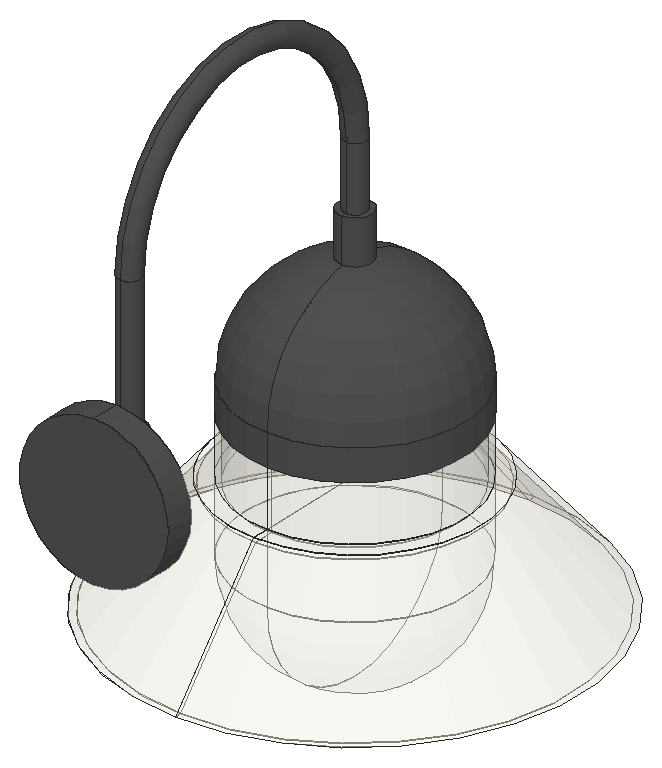
Revit family
Parameters (values of type "100 와트 백열")
  Wattage = 100 W
  built-in parameter 1150110 = 1 (stored number, unit not read)
  built-in parameter 1114217 = 1 (stored number, unit not read)
  built-in parameter 1150109 = 1 (stored number, unit not read)
  built-in parameter 1150134 = 4
  built-in parameter 1150113 = 1 (stored number, unit not read)
  built-in parameter 1150115 = 1 (stored number, unit not read)
  built-in parameter 1150105 = 134.49 (stored number, unit not read)
  Light Source Symbol Size = 609.6 mm
  built-in parameter 1150137 = (empty or 0)
  built-in parameter 1150139 = (empty or 0)
  built-in parameter 1150112 = 1 (stored number, unit not read)
  built-in parameter 1150114 = 1 (stored number, unit not read)
  Lamp = "A-19"
  built-in parameter 1150132 = (empty or 0)
  built-in parameter 1150102 = (empty or 0)
  built-in parameter 1150138 = (empty or 0)
  built-in parameter 1150107 = 2800 (stored number, unit not read)
  built-in parameter 1150106 = 1.3449 (stored number, unit not read)
  built-in parameter 1150104 = 1.5701 (stored number, unit not read)
  Dimming Lamp Color Temperature Shift = (empty or 0)
  Color Filter = 16777215
  전구 = 유리 - 흰색, 높은 휘도
  Lumens = 1690 lm
  음영처리 = 유리 - 젖빛
  벽 장착 = 금속 - 크롬
  Wattage Comments = "100"
  built-in parameter 1114218 = 1 (stored number, unit not read)
  built-in parameter 1150133 = 10 (stored number, unit not read)
Types (3, lengths in mm): name | Wattage | built-in parameter 1150105 | Lamp | built-in parameter 1150106 | built-in parameter 1150104 | Lumens | Wattage Comments
  (no name) | 100 W | 134.49 (stored number, unit not read) | "A-19" | 1.3449 (stored number, unit not read) | 1.5701 (stored number, unit not read) | 1690 lm | "100"
  150 와트 백열 | 150 W | 221.19 (stored number, unit not read) | "A-21" | 2.2119 (stored number, unit not read) | 1.7215 (stored number, unit not read) | 2779.5 lm | "150"
  100 와트 백열 | 100 W | 134.49 (stored number, unit not read) | "A-19" | 1.3449 (stored number, unit not read) | 1.5701 (stored number, unit not read) | 1690 lm | "100"
Reference planes
  plane 1: y = 0
  plane 2 "광원 축": y = 265.112
  plane 3 "광원 축": x = -36.356
  plane 4 "광원 입면도": z = 2133.6
  plane 5: y = 395.288
  plane 6: y = 134.938
  plane 7: z = 2501.9
  plane 8: y = 76.2
  plane 9: z = 2317.75
  plane 10: z = 2246.69
  plane 11: y = 101.64
  plane 12: z = 2169.524
  plane 13: z = 2197.1
  plane 14: z = 2234.395
  plane 15: z = 2237.57
  plane 16: z = 2269.827
  plane 17: z = 2351.551
  plane 18: z = 2376.625
  plane 19: z = 2413.764
  plane 20: y = 92.439
  plane 21: y = 101.64
  plane 22: z = 2307.108
Forms (mm)
  Sweep 1, solid, material "금속 - 크롬" <- "벽 장착"
    path origin (-36.356, 0, 0) x (0, -1, 0) y (0, 0, 1)
      loop
        line (-101.64, 2317.75) -> (-101.64, 2413.764)
        arc (-101.64, 2413.764) -> (-183.376, 2495.501) -> (-265.112, 2413.764) r 81.736
        line (-265.112, 2413.764) -> (-265.112, 2376.625)
    profile origin (-36.356, 183.376, 0) x (0, 0, -1) y (-1, 0, 0)
      loop
        circle (-2495.501, 0) r 6.35
  Revolve 2, solid, material "금속 - 크롬" <- "벽 장착"
    sketch origin (-36.356, 0, 0) x (0, -1, 0) y (0, 0, 1)
      loop
        line (-101.64, 2334.625) -> (-101.64, 2297.908)
        arc (-101.64, 2297.908) -> (-95.134, 2300.602) -> (-92.439, 2307.108) r 9.2
        line (-92.439, 2307.108) -> (-92.439, 2334.625) -> (-101.64, 2334.625)
      axis (-101.64, 2334.625) -> (-101.64, 2297.908)
    angle from 0 to 360
  Revolve 3, solid, material "금속 - 크롬" <- "벽 장착"
    sketch origin (-36.356, 0, 0) x (0, -1, 0) y (0, 0, 1)
      loop
        line (-255.587, 2376.625) -> (-265.112, 2376.625) -> (-265.112, 2351.551) -> (-255.587, 2351.551) -> (-255.587, 2376.625)
      axis (-265.112, 2351.551) -> (-265.112, 2376.625)
    angle from 0 to 360
  Revolve 4, solid, material "금속 - 크롬" <- "벽 장착"
    sketch origin (-36.356, 0, 0) x (0, -1, 0) y (0, 0, 1)
      loop
        arc (-201.612, 2287.782) -> (-220.211, 2332.683) -> (-265.112, 2351.282) r 63.5
        line (-265.112, 2351.282) -> (-265.112, 2269.827) -> (-201.612, 2269.827) -> (-201.612, 2287.782)
      axis (-265.112, 2269.827) -> (-265.112, 2351.282)
    angle from 0 to 360
  Revolve 5, solid, material "유리 - 젖빛" <- "음영처리"
    sketch origin (-36.356, 0, 0) x (0, -1, 0) y (0, 0, 1)
      loop
        line (-201.612, 2269.827) -> (-204.787, 2269.827) -> (-204.787, 2234.395) -> (-193.358, 2234.395) -> (-139.077, 2169.524) -> (-134.937, 2169.524) -> (-191.875, 2237.57) -> (-201.612, 2237.57) -> (-201.612, 2269.827)
      axis (-265.112, 2169.524) -> (-265.112, 2269.827)
    angle from 0 to 360
  Revolve 6, solid, material "유리 - 흰색, 높은 휘도" <- "전구"
    sketch origin (-36.356, 0, 0) x (0, -1, 0) y (0, 0, 1)
      loop
        line (-201.612, 2237.57) -> (-265.112, 2237.57) -> (-265.112, 2133.6)
        arc (-265.112, 2133.6) -> (-220.211, 2152.199) -> (-201.612, 2197.1) r 63.5
        line (-201.612, 2197.1) -> (-201.612, 2237.57)
      axis (-265.112, 2133.6) -> (-265.112, 2237.57)
    angle from 0 to 360
  Extrusion 7, solid, material "금속 - 크롬" <- "벽 장착"
    sketch origin (0, 76.2, 0) x (0, 0, 1) y (-1, 0, 0)
      loop
        circle (2307.108, 36.356) r 43.012
    from 0 to -16.239
Lines and regions (mm)
  symbolic lines
    curve 1: arc (93.819, 265.112, 2169.524) -> (-36.356, 395.287, 2169.524) -> (-166.531, 265.112, 2169.524) r 130.175
    curve 2: arc (-166.531, 265.112, 2169.524) -> (-36.356, 134.937, 2169.524) -> (93.819, 265.112, 2169.524) r 130.175
    curve 3: arc (89.679, 265.112, 2169.524) -> (-36.356, 391.148, 2169.524) -> (-162.391, 265.112, 2169.524) r 126.035
    curve 4: arc (-162.391, 265.112, 2169.524) -> (-36.356, 139.077, 2169.524) -> (89.679, 265.112, 2169.524) r 126.035
  symbolic lines, style "LightingFixtures"
    curve 5: arc (89.679, 265.112, 0) -> (-36.356, 391.148, 0) -> (-162.391, 265.112, 0) r 126.035
    curve 6: arc (-162.391, 265.112, 0) -> (-36.356, 139.077, 0) -> (89.679, 265.112, 0) r 126.035
Text (mm)
  text "측면 배치" at (0, 1019.848, 3124.603), in view "오른쪽"
  text "측면 배치" at (-1163.331, 723.012, 0), in view "참조 레벨"
  text "측면 배치" at (0, 1447.967, 3122.4), in view "왼쪽"
Dimensions and locks
  plane 5 to plane 6 to plane 8 = 260.35 mm locked, 58.737 mm locked
  equal spacing: plane 5, plane 2 "광원 축", plane 6
  equal spacing: plane 4 "광원 입면도", plane 9, plane 7, locked at 184.15 each
  plane 4 "광원 입면도" to plane 7 = 368.3 mm
  plane 6 to plane 5 = 260.35 mm
  host wall to plane 5 = 319.088 mm
  locked: plane 12 to plane 14 at 64.871
  locked: plane 12 to plane 4 "광원 입면도" at 35.924
  locked: plane 12 to plane 15 at 68.046
  locked: plane 4 "광원 입면도" to plane 13 at 63.5
  locked: plane 15 to plane 16 at 32.257
  locked: Revolve 5 sketch curve to Revolve 5 sketch curve at 3.175
  locked: plane 16 to plane 17 at 81.724
  locked: Revolve 3 sketch curve to Revolve 3 sketch curve at 25.074
  locked: plane 17 to plane 18 at 25.074
  locked: plane 18 to plane 19 at 37.139
  locked: plane 8 to plane 20 at 16.239
  locked: plane 20 to plane 21 at 9.2
  locked: plane 4 "광원 입면도" to plane 22 at 173.508
  aligned and locked: plane 8 to host wall
  aligned and locked: Sweep 1 sketch curve to plane 9
  aligned and locked: Revolve 5 sketch curve to plane 12
  aligned and locked: Revolve 6 sketch curve to plane 15
  aligned and locked: plane 13 to Revolve 6 sketch curve
  aligned and locked: Revolve 5 sketch curve to plane 16
  aligned and locked: plane 15 to Revolve 5 sketch curve
  aligned and locked: Revolve 4 sketch curve to plane 16
  aligned and locked: plane 17 to Revolve 3 sketch curve
  aligned and locked: Sweep 1 sketch curve to plane 18
  aligned and locked: plane 19 to Sweep 1 sketch curve  (x2)
  aligned and locked: Extrusion 7 sketch curve to plane 22
  aligned and locked: Revolve 2 sketch curve to plane 22
  aligned and locked: plane 20 to Revolve 2 sketch curve
  aligned and locked: plane 21 to Revolve 2 sketch curve
  aligned and locked: Revolve 2 sketch curve to plane 21
  aligned and locked: plane 3 "광원 축" to imposter light
  aligned and locked: plane 2 "광원 축" to imposter light
  aligned and locked: plane 12 to imposter light
Automatic sketch dimensions
  Sweep 1 sketch curve to plane 3 "광원 축" = 0 mm
  Sweep 1 sketch curve to profile plane = 0 mm
  profile plane to Sweep 1 sketch curve = 6.35 mm
  Sweep 1 sketch curve to plane 2 "광원 축" = 0 mm
  Sweep 1 sketch curve to plane 6 = 33.298 mm
  Revolve 3 sketch curve to plane 2 "광원 축" = 0 mm  (x2)
  Revolve 3 sketch curve to Revolve 3 sketch curve = 9.525 mm
  Revolve 3 sketch curve to level = 914.4 mm
  Revolve 3 sketch curve to plane 7 = 159.154 mm
  Revolve 4 sketch curve to plane 2 "광원 축" = 0 mm  (x2)
  Revolve 4 sketch curve to Revolve 4 sketch curve = 63.5 mm
  Revolve 4 sketch curve to Revolve 4 sketch curve = 17.955 mm
  Revolve 4 sketch curve to level = 914.4 mm
  Revolve 4 sketch curve to plane 7 = 159.154 mm
  Revolve 5 sketch curve to plane 2 "광원 축" = 0 mm
  Revolve 5 sketch curve to plane 6 = 0 mm
  plane 2 "광원 축" to Revolve 5 sketch curve = 60.325 mm
  Revolve 5 sketch curve to Revolve 5 sketch curve = 3.175 mm
  Revolve 5 sketch curve to Revolve 5 sketch curve = 8.254 mm
  Revolve 5 sketch curve to Revolve 5 sketch curve = 1.483 mm
  Revolve 5 sketch curve to Revolve 5 sketch curve = 4.14 mm
  Revolve 5 sketch curve to level = 914.4 mm
  Revolve 5 sketch curve to plane 7 = 159.154 mm
  Revolve 6 sketch curve to plane 2 "광원 축" = 0 mm  (x2)
  Revolve 6 sketch curve to Revolve 6 sketch curve = 63.5 mm
  Revolve 6 sketch curve to level = 914.4 mm
  Revolve 6 sketch curve to plane 7 = 159.154 mm
  Extrusion 7 sketch curve to plane 3 "광원 축" = 0 mm
  plane 16 to Extrusion 7 sketch curve = 5.731 mm
  plane 4 "광원 입면도" to Revolve 2 sketch curve = 55.093 mm
  Revolve 2 sketch curve to plane 9 = 16.875 mm
  plane 7 to Revolve 2 sketch curve = 29.153 mm
  curve 1 to plane 2 "광원 축" = 0 mm
  curve 4 to plane 2 "광원 축" = 0 mm
  curve 6 to plane 2 "광원 축" = 0 mm
  curve 3 to plane 3 "광원 축" = 0 mm
  curve 2 to plane 3 "광원 축" = 0 mm
  curve 5 to plane 3 "광원 축" = 0 mm
  plane 3 "광원 축" to curve 3 = 126.035 mm
  curve 5 to curve 3 = 0 mm
  curve 2 to curve 3 = 4.14 mm
